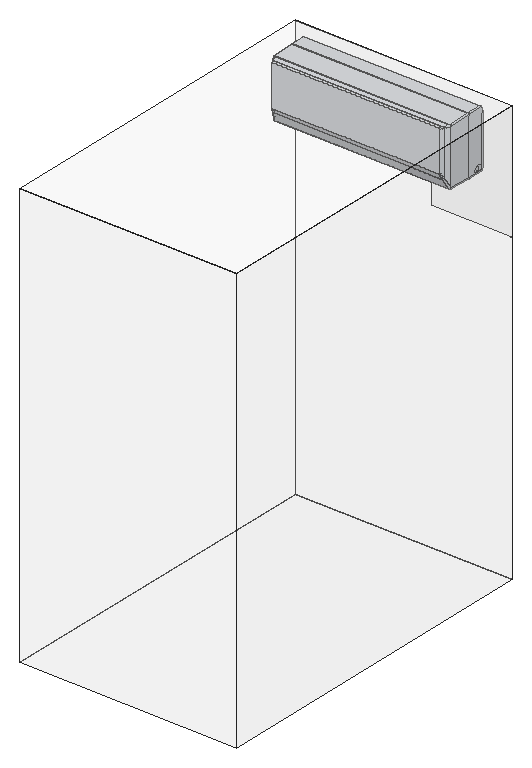
Revit family "pk-rp28la5_112ka21_60hz", category 機械設備, Revit 2019
Family settings
  丸型コネクタ寸法 = 直径を使用
  パーツ タイプ = 標準
  OmniClass 番号 = 23.75.10.24.21.27.27
  OmniClass タイトル = Split System Air Conditioning Units
  作業面ベース = いいえ
  常に垂直 = はい
  ロード時にボイドで切り取り = いいえ
  共有 = いいえ
  部屋計算ポイント = はい
Parameters (values of type "壁掛_PK-RP28LA5")
  風量_静 (m3/min) = 6.3
  風量_強 (m3/min) = 8.7
  風量_弱 (m3/min) = 7.3
  風量_中 (m3/min) = 8
  風量 = MAX風量  # 522.0 m³/h
  音響パワーレベル_静 (dB) = 45
  音響パワーレベル_弱 (dB) = 48
  音響パワーレベル_中 (dB) = 50
  音響パワーレベル_強 (dB) = 52
  音響パワーレベル(dB) = [音響パワーレベル_強 (dB)]  # 52
  電源種別 = ""
  電源_H = 0 mm
  電圧 = 0 V
  電動機出力_送風機 = 0.03 kW
  運転質量 = 0.00 kg
  連動 = ""
  質量 = if(製品質量 > 運転質量, 製品質量, 運転質量) * 1.2  # 15.00 kg
  負荷分類 = 3_ファン類
  構成品番 = "PK-RP28LA5"
  壁掛_PK-RP_LA3 = no
  壁掛_PK-RP_LA2 = no
  壁掛_PK-RP_LA1 = yes
  冷媒液管位置-Z = 280 mm
  冷媒液管位置-Y = 23 mm
  冷媒液管位置-X = 711 mm
  冷媒ガス管位置-Z = 268 mm
  冷媒ガス管位置-Y = 23 mm
  冷媒ガス管位置-X = 642 mm
  ドレン管径 (外径) = 22 mm
  ドレン位置-Z = 274 mm
  ドレン位置-Y = 37 mm
  ドレン位置-X = 660 mm
  サービススペース_PK-RP_LA2 = no
  サービススペース_PK-RP_LA1,3 = yes
  【値が 0 の項目は組合せ形名にてご確認ください】 = ""
  URL = "https://www.mitsubishielectric.co.jp/ldg/wink/ssl/top.do"
  Space Top = 50 mm
  Space Right_1 = 260 mm
  Space Right = 150 mm
  Space Left = 50 mm
  Space Bot_2 = 250 mm
  Space Bot_1 = 7 mm
  MIN２風量 = [風量_静 (m3/min)] * 60.0 m³/h  # 378.0 m³/h
  MIN風量 = [風量_弱 (m3/min)] * 60.0 m³/h  # 438.0 m³/h
  MID風量 = [風量_中 (m3/min)] * 60.0 m³/h  # 480.0 m³/h
  MAX風量 = [風量_強 (m3/min)] * 60.0 m³/h  # 522.0 m³/h
  説明 = "店舗・事務所用パッケージエアコン(Mr.SLIM) 壁掛形<ワイヤード>"
  設計暖房能力 = 0.00 kW
  設計冷房能力_顕熱 = 0 kW
  設計冷房能力 = 0 kW
  設置方法 = "壁掛形"
  記号 = ""
  製造元 = "三菱電機株式会社"
  製品質量 = 12.50 kg
  製品出荷対象 = "国内"
  製品リリース年月 = ""
  製品グループ = ""
  系統 = ""
  符号 = "PAC_WR"
  積算_科目 = "1 空気調和設備"
  積算_拾い区分 [instance] = ""
  相 = 1
  盤記号 = ""
  発停方法 = "付属スイッチ"
  特殊仕様 = ""
  火災停止 = ""
  消費電力_暖房 = 0.02 kW
  消費電力_冷房 = 0.03 kW
  消費電力 = if(消費電力_冷房 > 消費電力_暖房, 消費電力_冷房, 消費電力_暖房)  # 0.03 kW
  法定耐用年数 = "6"
  極数 = 1
  材質 = ""
  本体マテリアル = none
  有効加湿量 = 0
  暖房能力 = 2.80 kW
  推奨ブレーカー容量 = 0 A
  形式_加湿器 = ""
  形式 = "壁掛（露出）形"
  幹線記号 = ""
  始動方式 = "直入"
  呼称 = "室内機_壁掛（露出）形"
  周波数 = 60 Hz
  吊り位置Y = 0 mm
  吊り位置X = 0 mm
  吊りボルト_H = 0 mm
  台数_手元リモコン = ""
  台数_冷媒分岐ユニット = ""
  参照している仕様書等のバージョン = "公共建築工事標準仕様書（機械設備工事編）平成31年度版"
  加湿給水管径 = 0.00 mm
  分類コード = "5.0053E+13"
  分類グループ = ""
  冷房能力 = 2.5 kW
  冷媒高低圧ガス管径 = 0.00 mm
  冷媒管径符号 = "Ac"
  冷媒管径 = 100.00 mm
  冷媒液管径 = 6.35 mm
  冷媒ガス管径 = 12.70 mm
  企業コード = "108420"
  付属品_フィルター = ""
  付属品 = ""
  仕様書バージョン = "Version1.0"
  Model = ""
  パネルマテリアル = none
  ドレン管径 = 16.00 mm
  サービススペース = yes
  コメント [instance] = ""
  ケーブル種類 = ""
  ケーブルサイズ = 0 mm
  Width = 898 mm
  Uniclass2015Version = "Systems v1.9"
  Uniclass2015Title = "Split coil remote air cooled condensing units"
  Uniclass2015Code = "Pr_70_65_03_84"
  SpecificationReference = ""
  SpecificationDescription = ""
  S_H = 356 mm
  Revision = ""
  ProductInformation = ""
  OmniClassCode = "23-33 17 13 11"
  IfcTypeProduct = ""
  IfcProduct = ""
  IfcExportType = "AIRCONDITIONINGUNIT"
  IfcExportAs = "IfcUnitaryEquipmentType"
  Height = 299 mm
  Depth = 237 mm
  価格 = 0
  Clearance Top = 50 mm
  Clearance Right = 150 mm
  Clearance Left = 50 mm
  Clearance Front = 1500 mm
  Clearance Bottom = 1800 mm
  Clearance Back = 0 mm
  Author = "三菱電機株式会社"
Reference planes
  plane 1 "中心(正面/背面)": y = 0
  plane 2: z = 11
  plane 3 "中心(左/右)": x = 0
  plane 4: x = -449
  plane 5: x = 449
  plane 6: z = -288
  plane 7: y = -242
  plane 8: y = -5
  plane 9: x = -211
  plane 10: x = -193
  plane 11: x = -262
  plane 12: y = -28
  plane 13: y = -28
  plane 14: y = -42
  plane 15: z = -269
  plane 16: z = -257
  plane 17: z = -263
  plane 18: z = 61
  plane 19: x = -499
  plane 20: x = 599
  plane 21: z = -295
  plane 22: z = -538
  plane 23: x = 189
  plane 24: y = -1742
  plane 25: z = -2088
  plane 26: x = -499
  plane 27: x = 599
  plane 28: y = -28
Forms (mm)
  Extrusion 1, solid, detail levels fine
    sketch origin (-88.875, 0, -1713) x (-1, 0, 0) y (0, 0, 1)
      loop
        line (-487.875, 1574) -> (-487.875, 1549) -> (-462.875, 1549) -> (-462.875, 1574) -> (-487.875, 1574)
    from -1 to 0
  Extrusion 2, solid, detail levels fine
    sketch origin (0, 0, 0) x (0, 1, 0) y (0, 0, 1)
      loop
        circle (-42, -263) r 11
    from 444 to 449
  Extrusion 3, solid, detail levels fine
    sketch origin (0, 0, 0) x (0, 1, 0) y (0, 0, 1)
      loop
        circle (-28, -263) r 15
    from 444 to 449
Dimensions and locks
  equal spacing: plane 5, plane 3 "中心(左/右)", plane 4
  "Width": plane 5 to plane 4
  "Height": level to plane 6
  locked: plane 8 to plane 1 "中心(正面/背面)" at 5
  "Depth": plane 7 to plane 8
  "ドレン位置-X": plane 5 to plane 9
  "冷媒ガス管位置-X": plane 5 to plane 10
  "冷媒液管位置-X": plane 5 to plane 11
  "ドレン位置-Y": plane 14 to plane 8
  "冷媒ガス管位置-Y": plane 13 to plane 8
  "冷媒液管位置-Y": plane 12 to plane 8
  "ドレン位置-Z": level to plane 17
  "冷媒ガス管位置-Z": level to plane 16
  "冷媒液管位置-Z": level to plane 15
  "Space Top": plane 18 to level
  "Space Left": plane 4 to plane 19
  "Space Right": plane 20 to plane 5
  "Space Bot_1": plane 6 to plane 21
  "Space Bot_2": plane 6 to plane 22
  "Space Right_1": plane 5 to plane 23
  equal spacing: plane 16, Extrusion 3 sketch curve, plane 15
  equal spacing: plane 12, Extrusion 3 sketch curve, plane 13
  locked: plane 5 to Extrusion 3 at 5
  "Clearance Front": plane 24 to plane 7
  "Clearance Bottom": plane 6 to plane 25
  "Clearance Left": plane 4 to plane 26
  "Clearance Right": plane 27 to plane 5
  plane 5 to Extrusion 1 sketch curve = 50 mm
  nested 3 to Extrusion 1 sketch curve = 150 mm
  "Clearance Top": nested 4 to plane 2
  "ドレン管径 (外径)": diameter of Extrusion 2 sketch curve
  aligned and locked: level to plane 2
  aligned and locked: plane 1 "中心(正面/背面)" to nested 1
  aligned and locked: plane 1 "中心(正面/背面)" to nested 2
  aligned and locked: plane 1 "中心(正面/背面)" to nested 3
  aligned and locked: level to nested 1
  aligned and locked: level to nested 3
  aligned and locked: plane 3 "中心(左/右)" to nested 2
  aligned and locked: plane 3 "中心(左/右)" to nested 1
  aligned and locked: plane 3 "中心(左/右)" to nested 3
  aligned and locked: plane 14 to Extrusion 2 sketch curve
  aligned and locked: plane 17 to Extrusion 2 sketch curve
  aligned and locked: plane 5 to Extrusion 3
  aligned and locked: plane 5 to Extrusion 2
  aligned and locked: Extrusion 3 to Extrusion 2
  aligned and locked: plane 1 "中心(正面/背面)" to nested 4
  aligned and locked: plane 24 to nested 4
  aligned and locked: plane 25 to nested 4
  aligned and locked: plane 26 to nested 4
  aligned and locked: plane 27 to nested 4
  aligned and locked: plane 18 to nested 4
  aligned and locked: plane 1 "中心(正面/背面)" to nested 5
  aligned and locked: plane 3 "中心(左/右)" to nested 5
  aligned and locked: plane 2 to nested 3
Automatic sketch dimensions
  Extrusion 1 sketch curve to plane 5 = 75 mm
  Extrusion 1 sketch curve to Extrusion 1 sketch curve = 25 mm
  radius of Extrusion 3 sketch curve = 15 mm
Nested families
  nested 1: "pk-rp_la1" at (0, 0, 10), type "壁掛_PK-RP_LA1", detail levels fine
  nested 2: "pk-rp_la2" at (0, 0, 11), type "壁掛_PK-RP_LA2"
    with 壁掛_PK-RP56-71KA17 no
  nested 3: "pk-rp_la3" at (0, 0, 11), type "壁掛_PK-RP_LA3"
    with 壁掛_PK-RP80_112KA17 no, 冷媒液管径 6.35 mm, 冷媒ガス管径 12.70 mm
  nested 4: "サービススペース" at (50, -871, -1013.5), visible <- "サービススペース", type "サービススペース", detail levels fine
    with Width 1098 mm, Height 2149 mm, Depth 1742 mm
  nested 5: "Space View" at (0, 0, 11), Bot_1 <- "Space Bot_1", Bot_2 <- "Space Bot_2", Hight <- "Height", Left <- "Space Left", Right <- "Space Right", Right_1 <- "Space Right_1", Top <- "Space Top", Width <- "Width", Space View <- "サービススペース_PK-RP_LA1,3", type "Space View"
    with Width 898 mm, Top 50 mm, Space View yes, Right_1 260 mm, Right 150 mm, Left 50 mm, Hight 299 mm, Bot_2 250 mm, Bot_1 7 mm
Connectors
  piping at (449, -42, -263), diameter 22, driven by "ドレン管径 (外径)"
    settings: on Extrusion 2, index 1, connector inside diameter 609.60 mm, connector length 0 mm, flow factor 0, pipe flow 0.0 L/s, pressure drop 0.0 Pa, fitting loss kfactor 0, connector angle 0.00°, fixture units 0, engagement length 0 mm, angle of deflection 0.00°, flow configuration 1, flow direction 2, fitting loss method 4, system type 16, joint type 0, gender type 0, connector reference index -1, connector utility 0, adjustable connector no, is connector primary yes, connector description ""
  piping at (449, -28, -263), diameter 100, driven by "冷媒管径", driven by "冷媒管径符号"
    settings: on Extrusion 3, index 2, connector inside diameter 609.60 mm, connector length 0 mm, flow factor 0, pipe flow 0.0 L/s, pressure drop 0.0 Pa, fitting loss kfactor 0, connector angle 0.00°, fixture units 0, engagement length 0 mm, angle of deflection 0.00°, flow configuration 1, flow direction 1, fitting loss method 4, system type 7, joint type 0, gender type 0, connector reference index -1, connector utility 0, adjustable connector no, is connector primary no, connector description "Ac"
  electrical at (386.5, 0, -151.5), driven by "極数", driven by "負荷分類", driven by "電圧", driven by "消費電力"
    settings: on Extrusion 1, index 3, voltage 0 V, apparent load 30 VA, apparent load phase1 0 VA, apparent load phase2 0 VA, apparent load phase3 0 VA, power factor 1, load classification "3_ファン類", number of poles 1, system type 30, power factor state 1, is connector primary yes, connector utility no, sub classification motor no, connector description ""
Definition of nested family "pk-rp_la1"
  Parameters (values of type "壁掛_PK-RP40_50LA")
    壁掛_PK-RP40_50LA = yes
    冷媒液管位置-Y = 37 mm
    冷媒液管位置-X = 711 mm
    冷媒ガス管位置-Y = 23 mm
    冷媒ガス管位置-X = 642 mm
    ドレン管径 (外径) = 22 mm
    ドレン位置-Y = 23 mm
    ドレン位置-X = 660 mm
    URL = ""
    Description = ""
    Manufacturer = ""
    冷媒管径符号 = "Ac"
    冷媒管径 = 100.00 mm
    冷媒液管位置-Z = 280 mm
    冷媒液管径 = 6.35 mm
    冷媒ガス管位置-Z = 268 mm
    冷媒ガス管径 = 12.70 mm
    Model = ""
    ドレン位置-Z = 274 mm
    ドレン管径 = 16.00 mm
    Width = 898 mm
    S_H = 356 mm
    Height = 299 mm
    Depth = 237 mm
    Cost = 0
  Reference planes
    plane 1 "中心(正面/背面)": y = 0
    plane 2: z = 1
    plane 3 "中心(左/右)": x = 0
    plane 4 "UNDER": z = -298
    plane 5 "Left": x = -449
    plane 6: x = 449
    plane 7 "Fkidasi_L": x = -400
    plane 8 "Fkidasi_X": x = -262
    plane 9 "Fkidasi_Y": x = -193
    plane 10: y = -5
    plane 11: y = -42
    plane 12: y = -242
    plane 13: z = -279
    plane 14: z = -267
    plane 15: z = -273
    plane 16: y = -28
    plane 17: y = -28
    plane 18: x = -211
    plane 19: z = 1
    plane 20: x = 0
    plane 21: x = 0
  Forms (mm)
    Extrusion 1, void, detail levels fine
      sketch origin (0, 75, -2499) x (0, -1, 0) y (0, 0, 1)
        loop
          line (89, 2500) -> (80, 2500) -> (80, 2487) -> (89, 2500)
      from 449 to -449
    Extrusion 2, solid, visible <- "壁掛_PK-RP40_50LA", detail levels fine
      sketch origin (0, 0, -2509.072) x (-1, 0, 0) y (0, 0, 1)
        loop
          line (449, 2485.072) -> (-449, 2485.072) -> (-449, 2224.072) -> (449, 2224.072) -> (449, 2485.072)
      from 0 to -5
    Extrusion 3, solid, visible <- "壁掛_PK-RP40_50LA", detail levels fine
      sketch origin (0, -5, -2499) x (0, 0, -1) y (-1, 0, 0)
        loop
          line (-2500, 444) -> (-2500, -444)
          arc (-2500, -444) -> (-2498.536, -447.536) -> (-2495, -449) r 5
          line (-2495, -449) -> (-2206, -449)
          arc (-2206, -449) -> (-2202.464, -447.536) -> (-2201, -444) r 5
          line (-2201, -444) -> (-2201, 444)
          arc (-2201, 444) -> (-2202.464, 447.536) -> (-2206, 449) r 5
          line (-2206, 449) -> (-2495, 449)
          arc (-2495, 449) -> (-2498.536, 447.536) -> (-2500, 444) r 5
      from 0 to -83
    Blend 4, solid, visible <- "壁掛_PK-RP40_50LA"
      base sketch origin (0, -202, -1799) x (0, 0, 1) y (1, 0, 0)
        loop
          line (1796, -444) -> (1796, 444)
          arc (1796, 444) -> (1794.536, 447.536) -> (1791, 449) r 5
          line (1791, 449) -> (1515, 449)
          arc (1515, 449) -> (1508.636, 446.364) -> (1506, 440) r 9
          line (1506, 440) -> (1506, -440)
          arc (1506, -440) -> (1508.636, -446.364) -> (1515, -449) r 9
          line (1515, -449) -> (1791, -449)
          arc (1791, -449) -> (1794.536, -447.536) -> (1796, -444) r 5
      top sketch origin (0, -202, -1799) x (0, 0, 1) y (1, 0, 0)
        loop
          line (1793, -427) -> (1793, 427)
          arc (1793, 427) -> (1791.536, 430.536) -> (1788, 432) r 5
          line (1788, 432) -> (1559, 432)
          arc (1559, 432) -> (1555.464, 430.536) -> (1554, 427) r 5
          line (1554, 427) -> (1554, -427)
          arc (1554, -427) -> (1555.464, -430.536) -> (1559, -432) r 5
          line (1559, -432) -> (1788, -432)
          arc (1788, -432) -> (1791.536, -430.536) -> (1793, -427) r 5
      from 0 to -25
    Blend 5, solid, visible <- "壁掛_PK-RP40_50LA", detail levels fine
      base sketch origin (0, -227, -1799) x (0, 0, 1) y (1, 0, 0)
        loop
          arc (1793, 427) -> (1791.536, 430.536) -> (1788, 432) r 5
          line (1788, 432) -> (1559, 432)
          arc (1559, 432) -> (1555.464, 430.536) -> (1554, 427) r 5
          line (1554, 427) -> (1554, -427)
          arc (1554, -427) -> (1555.464, -430.536) -> (1559, -432) r 5
          line (1559, -432) -> (1788, -432)
          arc (1788, -432) -> (1791.536, -430.536) -> (1793, -427) r 5
          line (1793, -427) -> (1793, 427)
      top sketch origin (0, -227, -1799) x (0, 0, 1) y (1, 0, 0)
        loop
          line (1793, -419) -> (1793, 419)
          arc (1793, 419) -> (1791.536, 422.536) -> (1788, 424) r 5
          line (1788, 424) -> (1590, 424)
          arc (1590, 424) -> (1586.464, 422.536) -> (1585, 419) r 5
          line (1585, 419) -> (1585, -419)
          arc (1585, -419) -> (1586.464, -422.536) -> (1590, -424) r 5
          line (1590, -424) -> (1788, -424)
          arc (1788, -424) -> (1791.536, -422.536) -> (1793, -419) r 5
      from 0 to -15
    Blend 6, solid, visible <- "壁掛_PK-RP40_50LA", detail levels fine
      base sketch origin (62.5, -88, -1799) x (0, 0, 1) y (1, 0, 0)
        loop
          arc (1800, 381.5) -> (1798.536, 385.036) -> (1795, 386.5) r 5
          line (1795, 386.5) -> (1506, 386.5)
          arc (1506, 386.5) -> (1502.464, 385.036) -> (1501, 381.5) r 5
          line (1501, 381.5) -> (1501, -506.5)
          arc (1501, -506.5) -> (1502.464, -510.036) -> (1506, -511.5) r 5
          line (1506, -511.5) -> (1795, -511.5)
          arc (1795, -511.5) -> (1798.536, -510.036) -> (1800, -506.5) r 5
          line (1800, -506.5) -> (1800, 381.5)
      top sketch origin (62.5, -88, -1799) x (0, 0, 1) y (1, 0, 0)
        loop
          line (1796, -506.5) -> (1796, 381.5)
          arc (1796, 381.5) -> (1794.536, 385.036) -> (1791, 386.5) r 5
          line (1791, 386.5) -> (1511, 386.5)
          arc (1511, 386.5) -> (1507.464, 385.036) -> (1506, 381.5) r 5
          line (1506, 381.5) -> (1506, -502.5)
          arc (1506, -502.5) -> (1508.636, -508.864) -> (1515, -511.5) r 9
          line (1515, -511.5) -> (1791, -511.5)
          arc (1791, -511.5) -> (1794.536, -510.036) -> (1796, -506.5) r 5
      from 0 to -114
    Sweep 7, solid, visible <- "壁掛_PK-RP40_50LA", detail levels fine
      path origin (0, 75, -1799) x (-1, 0, 0) y (0, 0, 1)
        loop
          line (262, 1521) -> (-271, 1521)
      profile origin (4.5, 75, -278) x (0, 0, -1) y (0, 1, 0)
        loop
          circle (1, -103) r 3.175
    Sweep 8, solid, visible <- "壁掛_PK-RP40_50LA", detail levels fine
      path origin (0, 75, -1799) x (-1, 0, 0) y (0, 0, 1)
        loop
          line (-257, 1533) -> (193, 1533)
      profile origin (32, 75, -266) x (0, 0, 1) y (0, 1, 0)
        loop
          circle (-1, -103) r 6.35
    Sweep 9, solid, visible <- "壁掛_PK-RP40_50LA", detail levels fine
      path origin (0, 75, -1799) x (-1, 0, 0) y (0, 0, 1)
        loop
          line (211, 1527) -> (-289, 1527)
      profile origin (39, 75, -272) x (0, 0, -1) y (0, 1, 0)
        loop
          circle (1, -117) r 11
  Cuts and joins
    Extrusion 1 cuts Extrusion 3
  Lines and regions (mm)
    model lines, visible <- "壁掛_PK-RP40_50LA", detail levels fine
      curve 1: line (274, -5, -298) -> (274, -54, -298)
      curve 2: line (292, -72, -298) -> (331, -72, -298)
      curve 3: line (349, -54, -298) -> (349, -5, -298)
      curve 4: line (324, -54, -298) -> (324, -5, -298)
      curve 5: arc (292, -72, -298) -> (279.272, -66.728, -298) -> (274, -54, -298) r 18
      curve 6: arc (306, -72, -298) -> (318.728, -66.728, -298) -> (324, -54, -298) r 18
      curve 7: arc (331, -72, -298) -> (343.728, -66.728, -298) -> (349, -54, -298) r 18
      curve 8: line (-430, -5, -298) -> (-430, -54, -298)
      curve 9: line (-412, -72, -298) -> (-378, -72, -298)
      curve 10: line (-360, -54, -298) -> (-360, -5, -298)
      curve 11: line (-399.073, -53.123, -298) -> (-399.073, -5, -298)
      curve 12: arc (-412, -72, -298) -> (-424.728, -66.728, -298) -> (-430, -54, -298) r 18
      curve 13: arc (-399.073, -53.123, -298) -> (-394.55, -65.481, -298) -> (-383.118, -72, -298) r 19.145
      curve 14: arc (-360, -54, -298) -> (-365.272, -66.728, -298) -> (-378, -72, -298) r 18
      curve 15: line (366.5, -202, -293) -> (366.5, -208.929, -279.696)
      curve 16: line (366.5, -208.929, -279.696) -> (326.5, -208.929, -279.696)
      curve 17: line (326.5, -208.929, -279.696) -> (326.5, -202, -293)
      curve 18: line (326.5, -202, -293) -> (326.5, -188.513, -293.592)
      curve 19: line (326.5, -188.513, -293.592) -> (366.5, -188.513, -293.592)
      curve 20: line (366.5, -188.513, -293.592) -> (366.5, -202, -293)
      curve 21: line (449, -5, -229) -> (449, -52, -229)
      curve 22: line (449, -70, -247) -> (449, -70, -270)
      curve 23: line (449, -52, -288) -> (449, -5, -288)
      curve 24: line (449, -49.143, -241) -> (449, -5, -241)
      curve 25: arc (449, -52, -288) -> (449, -64.728, -282.728) -> (449, -70, -270) r 18
      curve 26: arc (449, -52, -229) -> (449, -64.728, -234.272) -> (449, -70, -247) r 18
      curve 27: arc (449, -70, -261.857) -> (449, -63.891, -247.109) -> (449, -49.143, -241) r 20.857
      curve 28: line (-449, -5, -288) -> (-449, -52, -288)
      curve 29: line (-449, -70, -270) -> (-449, -70, -236)
      curve 30: line (-449, -52, -218) -> (-449, -5, -218)
      curve 31: line (-449, -5, -238) -> (-449, -52, -238)
      curve 32: arc (-449, -52, -288) -> (-449, -64.728, -282.728) -> (-449, -70, -270) r 18
      curve 33: arc (-449, -70, -236) -> (-449, -64.728, -223.272) -> (-449, -52, -218) r 18
      curve 34: arc (-449, -70, -256) -> (-449, -64.728, -243.272) -> (-449, -52, -238) r 18
      curve 35: line (-400, -227, -245) -> (-400, -202, -293)
      curve 36: line (250, -227, -245) -> (250, -202, -293)
      curve 37: line (250, -202, -293) -> (250, -88, -298)
      curve 38: line (-400, -200.122, -293.082) -> (-400, -88, -298)
  Dimensions and locks
    "Width": plane 5 "Left" to plane 6
    plane 5 "Left" to plane 3 "中心(左/右)" to plane 6 = 449 mm, 449 mm
    equal spacing: plane 5 "Left", plane 3 "中心(左/右)", plane 6
    "Depth": plane 10 to plane 12
    "ドレン位置-Z": level to plane 15
    "冷媒ガス管位置-Z": level to plane 14
    "冷媒液管位置-Z": level to plane 13
    "Height": level to plane 4 "UNDER"
    "ドレン位置-Y": plane 10 to plane 17
    "冷媒ガス管位置-Y": plane 10 to plane 16
    "冷媒液管位置-Y": plane 10 to plane 11
    "冷媒液管位置-X": plane 6 to plane 8 "Fkidasi_X"
    "冷媒ガス管位置-X": plane 6 to plane 9 "Fkidasi_Y"
    "ドレン位置-X": plane 6 to plane 18
    locked: plane 10 to plane 1 "中心(正面/背面)" at 5
    "冷媒液管径": diameter of Sweep 7 sketch curve
    "冷媒ガス管径": diameter of Sweep 8 sketch curve
    "ドレン管径 (外径)": diameter of Sweep 9 sketch curve
    aligned and locked: level to plane 2
    aligned and locked: Sweep 8 to plane 9 "Fkidasi_Y"  (x2)
    aligned and locked: Sweep 7 to plane 8 "Fkidasi_X"
    aligned and locked: plane 12 to Blend 5
    aligned and locked: plane 15 to Sweep 9 sketch curve
    aligned and locked: plane 14 to Sweep 8 sketch curve
    aligned and locked: plane 13 to Sweep 7 sketch curve
    aligned and locked: plane 17 to Sweep 7 sketch curve
    aligned and locked: plane 16 to Sweep 8 sketch curve
    aligned and locked: plane 11 to Sweep 9 sketch curve
    aligned and locked: plane 20 to plane 3 "中心(左/右)"
    aligned and locked: plane 21 to plane 20
  Automatic sketch dimensions
    Extrusion 1 sketch curve to plane 10 = 0 mm
    Extrusion 1 sketch curve to plane 10 = 9 mm
    Extrusion 2 sketch curve to plane 6 = 0 mm
    plane 5 "Left" to Extrusion 2 sketch curve = 0 mm
    Extrusion 2 sketch curve to level = 286 mm
    Extrusion 3 sketch curve to plane 6 = 0 mm
    plane 5 "Left" to Extrusion 3 sketch curve = 0 mm
    Extrusion 3 sketch curve to level = 299 mm
    Extrusion 3 sketch curve to level = 294 mm  (x2)
    plane 5 "Left" to Blend 4 sketch curve = 0 mm
    Blend 4 sketch curve to plane 6 = 0 mm
    Blend 4 sketch curve to level = 294 mm
    Blend 4 sketch curve to Blend 4 sketch curve = 9 mm  (x2)
    Blend 4 sketch curve to plane 6 = 5 mm
    Blend 4 sketch curve to plane 6 = 22 mm
    Blend 4 sketch curve to level = 246 mm
    Blend 4 sketch curve to Blend 4 sketch curve = 5 mm  (x4)
    Blend 4 sketch curve to plane 5 "Left" = 22 mm
    Blend 5 sketch curve to level = 246 mm
    Blend 5 sketch curve to Blend 5 sketch curve = 5 mm  (x7)
    Blend 5 sketch curve to plane 5 "Left" = 17 mm
    Blend 5 sketch curve to plane 6 = 22 mm
    Blend 5 sketch curve to plane 7 "Fkidasi_L" = 19 mm
    Blend 5 sketch curve to level = 215 mm
    Blend 5 sketch curve to plane 6 = 30 mm
    Blend 6 sketch curve to level = 299 mm
    Blend 6 sketch curve to plane 6 = 0 mm  (x2)
    plane 5 "Left" to Blend 6 sketch curve = 0 mm  (x2)
    Blend 6 sketch curve to level = 294 mm  (x3)
    Blend 6 sketch curve to plane 6 = 5 mm  (x2)
    Blend 6 sketch curve to Blend 6 sketch curve = 9 mm
    curve 11 to Extrusion 3 = 0 mm
    curve 1 to Extrusion 3 = 0 mm
    curve 8 to Extrusion 3 = 0 mm
    curve 4 to Extrusion 3 = 0 mm
    curve 3 to Extrusion 3 = 0 mm
    curve 10 to Extrusion 3 = 0 mm
    curve 13 to Extrusion 3 = 34.877 mm
    curve 12 to curve 13 = 0.877 mm
    curve 10 to curve 13 = 0.877 mm
    curve 3 to Extrusion 3 = 34 mm
    curve 4 to curve 7 = 0 mm
    curve 9 to Extrusion 3 = 16 mm
    curve 2 to Extrusion 3 = 16 mm
    Extrusion 3 to curve 3 = 95 mm
    curve 7 to curve 4 = 7 mm
    curve 6 to curve 2 = 14 mm
    Extrusion 3 to curve 10 = 84 mm
    curve 14 to curve 13 = 1.927 mm
    curve 13 to curve 11 = 19.145 mm
    curve 13 to curve 12 = 12.927 mm
    curve 35 to Blend 4 = 0 mm
    Blend 4 to curve 35 = 0 mm
    Blend 4 to curve 36 = 0 mm
    curve 36 to Blend 4 = 0 mm
    curve 17 to Blend 4 = 0 mm
    curve 15 to Blend 4 = 0 mm
    Blend 4 to curve 17 = 15 mm
    curve 17 to Blend 4 = 106.857 mm
    curve 16 to curve 15 = 40 mm
    curve 36 to curve 17 = 76.5 mm
    curve 35 to curve 36 = 650 mm
    curve 38 to Blend 6 = 0 mm
    curve 37 to Blend 6 = 0 mm
    Blend 6 to curve 37 = 0 mm
    Blend 6 to curve 18 = 0 mm
    Blend 6 to curve 20 = 0 mm
    Blend 6 to curve 19 = 13.5 mm
    curve 19 to Blend 6 = 117.5 mm
    curve 18 to curve 19 = 40 mm
    curve 37 to curve 18 = 76.5 mm
    curve 38 to curve 37 = 650 mm
    Blend 6 to curve 38 = 1.879 mm
    curve 21 to Extrusion 3 = 0 mm
    curve 24 to Extrusion 3 = 0 mm
    curve 23 to Extrusion 3 = 0 mm
    curve 21 to curve 24 = 12 mm
    Extrusion 3 to curve 22 = 18 mm
    curve 24 to curve 22 = 6 mm
    curve 26 to curve 27 = 14.857 mm
    curve 27 to curve 25 = 8.143 mm
    curve 23 to Extrusion 3 = 5 mm
    curve 28 to Extrusion 3 = 0 mm
    curve 31 to Extrusion 3 = 0 mm
    curve 30 to Extrusion 3 = 0 mm
    curve 28 to Extrusion 3 = 5 mm
    curve 29 to Extrusion 3 = 23 mm
    curve 32 to curve 34 = 14 mm
    curve 34 to curve 31 = 18 mm
    curve 34 to curve 33 = 2 mm
    curve 33 to curve 30 = 18 mm
    Extrusion 3 to curve 32 = 36 mm
    Sweep 7 sketch curve to plane 8 "Fkidasi_X" = 0 mm
    Sweep 8 sketch curve to plane 9 "Fkidasi_Y" = 0 mm
    Sweep 9 sketch curve to plane 9 "Fkidasi_Y" = 18 mm
    Extrusion 1 sketch curve to level = 13 mm
    Extrusion 1 sketch curve to level = 0 mm
    Extrusion 2 sketch curve to level = 25 mm
    Extrusion 3 sketch curve to level = 5 mm  (x2)
    Extrusion 3 sketch curve to level = 0 mm
    Blend 4 sketch curve to level = 9 mm  (x2)
    Blend 4 sketch curve to level = 12 mm
    Blend 5 sketch curve to level = 12 mm  (x3)
    Blend 6 sketch curve to level = 5 mm  (x2)
    Blend 6 sketch curve to level = 0 mm
    Blend 6 sketch curve to level = 9 mm  (x2)
    plane 13 to Sweep 7 sketch curve = 1 mm
    plane 14 to Sweep 8 sketch curve = 1 mm
    plane 15 to Sweep 9 sketch curve = 1 mm
    curve 5 to curve 6 = 0 mm
    Sweep 7 sketch curve to plane 6 = 178 mm
    Sweep 8 sketch curve to plane 6 = 192 mm
    Sweep 9 sketch curve to plane 6 = 160 mm
    curve 22 to Extrusion 3 = 23 mm
Definition of nested family "サービススペース"
  Parameters (values of type "サービススペース")
    Width [instance] = 500 mm
    Height [instance] = 500 mm
    Depth [instance] = 500 mm
  Reference planes
    plane 1 "中心(正面/背面)": y = 0
    plane 2: z = 0
    plane 3 "中心(左/右)": x = 0
    plane 4: y = -250
    plane 5: x = 250
    plane 6: y = 250
    plane 7: x = -250
    plane 8: z = 250
    plane 9: z = -250
  Forms (mm)
    Extrusion 1, solid
      sketch origin (-638.939, 0, 72.39) x (1, 0, 0) y (0, 1, 0)
        loop
          line (388.939, 250) -> (388.939, -250) -> (888.939, -250) -> (888.939, 250) -> (388.939, 250)
      from -322.39 to 177.61
  Lines and regions (mm)
    symbolic lines
      curve 1: line (-250, 0, 250) -> (250, 0, 250)
      curve 2: line (-250, 0, -250) -> (-250, 0, 250)
      curve 3: line (250, 0, -250) -> (-250, 0, -250)
      curve 4: line (250, 0, 250) -> (250, 0, -250)
      curve 5: line (0, -250, 250) -> (0, 250, 250)
      curve 6: line (0, -250, -250) -> (0, -250, 250)
      curve 7: line (0, 250, -250) -> (0, -250, -250)
      curve 8: line (0, 250, 250) -> (0, 250, -250)
      curve 9: line (-250, 250, 0) -> (250, 250, 0)
      curve 10: line (-250, -250, 0) -> (-250, 250, 0)
      curve 11: line (250, -250, 0) -> (-250, -250, 0)
      curve 12: line (250, 250, 0) -> (250, -250, 0)
  Dimensions and locks
    equal spacing: plane 7, plane 3 "中心(左/右)", plane 5
    equal spacing: plane 4, plane 1 "中心(正面/背面)", plane 6
    "Depth": plane 4 to plane 6
    "Width": plane 7 to plane 5
    equal spacing: plane 8, plane 2, plane 9
    "Height": plane 8 to plane 9
    aligned and locked: plane 9 to curve 3
    aligned and locked: plane 7 to curve 2
    aligned and locked: curve 4 to plane 5
    aligned and locked: plane 5 to Extrusion 1
    aligned and locked: Extrusion 1 to plane 7
    aligned and locked: Extrusion 1 to plane 9
    aligned and locked: plane 8 to Extrusion 1
    aligned and locked: plane 9 to curve 7
  Automatic sketch dimensions
    plane 4 to Extrusion 1 sketch curve = 0 mm
    Extrusion 1 sketch curve to plane 7 = 0 mm
    Extrusion 1 sketch curve to plane 5 = 0 mm
    plane 6 to Extrusion 1 sketch curve = 0 mm
    curve 2 to plane 8 = 0 mm
    plane 4 to curve 11 = 0 mm
    curve 11 to plane 7 = 0 mm
    curve 11 to plane 5 = 0 mm
    plane 6 to curve 10 = 0 mm
    curve 7 to plane 4 = 0 mm
    curve 7 to plane 6 = 0 mm
    curve 6 to plane 8 = 0 mm
Definition of nested family "Space View"
  Parameters (values of type "Space View")
    Width [instance] = 898 mm
    Top [instance] = 50 mm
    Space View [instance] = yes
    Right_1 [instance] = 260 mm
    Right [instance] = 150 mm
    Left [instance] = 50 mm
    Hight [instance] = 299 mm
    Bot_2 [instance] = 250 mm
    Bot_1 [instance] = 7 mm
  Reference planes
    plane 1 "Center (Front/Back)": y = 0
    plane 2: z = 0
    plane 3 "Center (Left/Right)": x = 0
    plane 4: x = -499
    plane 5: z = 50
    plane 6: x = 599
    plane 7: z = -306
    plane 8: z = -549
    plane 9: x = -449
    plane 10: x = 449
    plane 11: z = -299
    plane 12: x = 189
  Forms (mm)
    Extrusion 1, solid, visible <- "Space View"
      sketch origin (0, 0, -1800) x (-1, 0, 0) y (0, 0, 1)
        loop
          line (499, 1850) -> (-599, 1850) -> (-599, 1251) -> (-189, 1251) -> (-189, 1494) -> (499, 1494) -> (499, 1850)
      from 0 to -1
  Dimensions and locks
    equal spacing: plane 10, plane 3 "Center (Left/Right)", plane 9
    "Width": plane 10 to plane 9
    "Right": plane 10 to plane 6
    "Left": plane 9 to plane 4
    "Hight": level to plane 11
    "Bot_1": plane 11 to plane 7
    "Bot_2": plane 11 to plane 8
    "Top": plane 5 to level
    "Right_1": plane 12 to plane 10
    aligned and locked: level to plane 2
    aligned and locked: Extrusion 1 to plane 4
    aligned and locked: plane 5 to Extrusion 1
    aligned and locked: plane 6 to Extrusion 1
    aligned and locked: plane 7 to Extrusion 1
    aligned and locked: plane 8 to Extrusion 1
    aligned and locked: plane 5 to Extrusion 1 sketch curve
    aligned and locked: Extrusion 1 sketch curve to plane 4
    aligned and locked: Extrusion 1 sketch curve to plane 7
    aligned and locked: Extrusion 1 sketch curve to plane 8
    aligned and locked: Extrusion 1 sketch curve to plane 6
    aligned and locked: plane 12 to Extrusion 1
  Automatic sketch dimensions
    plane 10 to Extrusion 1 sketch curve = 260 mm
Definition of nested family "pk-rp_la2"
  Parameters (values of type "壁掛_PK-RP56_71KA17")
    壁掛_PK-RP56-71KA17 = yes
    冷媒液管位置-Z = 250 mm
    冷媒液管位置-Y = 25 mm
    冷媒液管位置-X = 673 mm
    冷媒ガス管位置-Z = 270 mm
    冷媒ガス管位置-Y = 25 mm
    冷媒ガス管位置-X = 603 mm
    ドレン管径 (外径) = 22 mm
    ドレン位置-Z = 300 mm
    ドレン位置-Y = 25 mm
    ドレン位置-X = 733 mm
    URL = ""
    Description = ""
    Manufacturer = ""
    冷媒管径符号 = "Ac"
    冷媒管径 = 100.00 mm
    冷媒液管径 = 6.35 mm
    冷媒ガス管径 = 12.70 mm
    Model = ""
    ドレン管径 = 16.00 mm
    Width = 1100 mm
    S_H = 404 mm
    Height = 325 mm
    Depth = 258 mm
    Cost = 0
  Reference planes
    plane 1 "中心(正面/背面)": y = 0
    plane 2: z = 0
    plane 3 "中心(左/右)": x = 0
    plane 4 "TOP": z = 0
    plane 5 "UNDER": z = -325
    plane 6 "Left": x = -550
    plane 7: x = 550
    plane 8 "Fkidasi_V": z = -332
    plane 9 "Fkidasi_Z": z = -300
    plane 10 "Fkidasi_AA": z = -270
    plane 11 "Fkidasi_BB": z = -250
    plane 12: x = 377
    plane 13 "Fkidasi_CC": x = -183
    plane 14 "Fkidasi_DD": x = -123
    plane 15 "Fkidasi_EE": x = -53
    plane 16: y = -5
    plane 17: y = -263
    plane 18: y = -30
    plane 19: y = -30
    plane 20: y = -30
    plane 21: z = 0
    plane 22: x = 0
  Forms (mm)
    Sweep 1, solid, visible <- "壁掛_PK-RP56-71KA17", detail levels fine
      path origin (0, 85, -1776) x (-1, 0, 0) y (0, 0, 1)
        loop
          line (-377, 1506) -> (53, 1506)
      profile origin (162, 85, -270) x (0, 0, 1) y (0, 1, 0)
        loop
          circle (0, -115) r 6.35
    Sweep 2, solid, visible <- "壁掛_PK-RP56-71KA17", detail levels fine
      path origin (0, 85, -1744) x (-1, 0, 0) y (0, 0, 1)
        loop
          line (123, 1494) -> (-377, 1494)
      profile origin (127, 85, -250) x (0, 0, -1) y (0, 1, 0)
        loop
          circle (0, -115) r 3.175
    Sweep 3, solid, visible <- "壁掛_PK-RP56-71KA17", detail levels fine
      path origin (0, 75, -1850) x (-1, 0, 0) y (0, -1, 0)
        loop
          line (183, 105) -> (-377, 105)
      profile origin (97, -30, -1850) x (0, 1, 0) y (0, 0, 1)
        loop
          circle (0, 1550) r 11
    Extrusion 4, solid, visible <- "壁掛_PK-RP56-71KA17"
      sketch origin (-572, -4.93, 72) x (0, 0, -1) y (0, -1, 0)
        loop
          arc (72, 6.933) -> (72.338, 5.549) -> (73.277, 4.477) r 3
          line (73.277, 4.477) -> (78.269, 0.976)
          arc (78.269, 0.976) -> (79.634, 0.302) -> (81.14, 0.07) r 5
          line (81.14, 0.07) -> (93.863, 0.07) -> (93.863, -3.73)
          arc (93.863, -3.73) -> (94.214, -4.579) -> (95.063, -4.93) r 1.2
          line (95.063, -4.93) -> (382.983, -4.93)
          arc (382.983, -4.93) -> (383.752, -4.777) -> (384.402, -4.34) r 2
          line (384.402, -4.34) -> (391.687, 2.995) -> (393.576, 2.486) -> (396.064, 2.486) -> (396.064, 74.487) -> (397, 74.487) -> (396.249, 96.275)
          arc (396.249, 96.275) -> (386.433, 144.686) -> (361.405, 187.272) r 149.804
          arc (361.405, 187.272) -> (360.715, 187.808) -> (359.863, 187.999) r 2
          line (359.863, 187.999) -> (351.218, 187.999) -> (351.218, 189.494) -> (358.547, 189.494)
          arc (358.547, 189.494) -> (359.077, 189.813) -> (359.045, 190.43) r 0.6
          arc (359.045, 190.43) -> (356.535, 194.254) -> (354.116, 198.136) r 193.914
          arc (354.116, 198.136) -> (346.059, 210.496) -> (337.22, 222.309) r 228.274
          line (337.22, 222.309) -> (330.325, 231.46)
          arc (330.325, 231.46) -> (329.848, 231.872) -> (329.245, 232.052) r 1.5
          arc (329.245, 232.052) -> (268.628, 247.266) -> (206.817, 256.492) r 639.712
          arc (206.817, 256.492) -> (187.622, 257.823) -> (168.382, 258) r 320.323
          arc (168.382, 258) -> (152.854, 257.385) -> (137.36, 256.189) r 414.965
          arc (137.36, 256.189) -> (135.749, 255.382) -> (135.1, 253.701) r 2.5
          line (135.1, 253.701) -> (135.1, 238.591) -> (133.187, 234.008)
          arc (133.187, 234.008) -> (111.703, 220.588) -> (95.132, 201.429) r 84.941
          arc (95.132, 201.429) -> (91.762, 195.916) -> (88.556, 190.306) r 219.053
          arc (88.556, 190.306) -> (88.564, 189.763) -> (89.035, 189.494) r 0.547
          line (89.035, 189.494) -> (93.338, 189.494) -> (92.464, 187.999) -> (86.86, 187.999)
          arc (86.86, 187.999) -> (86.322, 187.842) -> (85.953, 187.421) r 1
          arc (85.953, 187.421) -> (81.274, 174.893) -> (78.608, 161.789) r 85.448
          arc (78.608, 161.789) -> (73.655, 125.49) -> (72, 88.891) r 405.418
          line (72, 88.891) -> (72, 6.933)
      from -1122 to -22
  Lines and regions (mm)
    model lines, visible <- "壁掛_PK-RP56-71KA17", detail levels fine
      curve 1: line (550, -79.418, -324.064) -> (550, -79.418, 0)
      curve 2: line (550, 0, -241.868) -> (550, -79.418, -241.868)
      curve 3: line (550, 0, -243.128) -> (550, -64.595, -243.128)
      curve 4: line (550, -72.595, -251.128) -> (550, -72.595, -311.603)
      curve 5: line (550, -64.595, -319.603) -> (550, -7.841, -319.603)
      curve 6: arc (550, -64.595, -243.128) -> (550, -70.251, -245.471) -> (550, -72.595, -251.128) r 8
      curve 7: arc (550, -72.595, -311.603) -> (550, -70.251, -317.26) -> (550, -64.595, -319.603) r 8
      curve 8: line (-550, -79.418, -324.064) -> (-550, -79.418, 0)
      curve 9: line (-550, 0, -241.868) -> (-550, -79.418, -241.868)
      curve 10: line (-550, 0, -243.128) -> (-550, -64.595, -243.128)
      curve 11: line (-550, -72.595, -251.128) -> (-550, -72.595, -311.603)
      curve 12: line (-550, -64.595, -319.603) -> (-550, -7.841, -319.603)
      curve 13: arc (-550, -64.595, -243.128) -> (-550, -70.251, -245.471) -> (-550, -72.595, -251.128) r 8
      curve 14: arc (-550, -72.595, -311.603) -> (-550, -70.251, -317.26) -> (-550, -64.595, -319.603) r 8
  Dimensions and locks
    equal spacing: plane 7, plane 3 "中心(左/右)", plane 6 "Left"
    "Width": plane 6 "Left" to plane 7
    "Height": plane 5 "UNDER" to plane 4 "TOP"
    plane 8 "Fkidasi_V" to plane 5 "UNDER" = 7 mm
    plane 12 to plane 7 = 173 mm
    plane 12 to plane 13 "Fkidasi_CC" = 560 mm
    "冷媒液管位置-Z": plane 4 "TOP" to plane 11 "Fkidasi_BB"
    "冷媒ガス管位置-Z": plane 4 "TOP" to plane 10 "Fkidasi_AA"
    "ドレン位置-Z": plane 4 "TOP" to plane 9 "Fkidasi_Z"
    equal spacing: plane 6 "Left", plane 3 "中心(左/右)", plane 7
    plane 5 "UNDER" to plane 8 "Fkidasi_V" = 7 mm
    locked: plane 16 to plane 1 "中心(正面/背面)" at 5
    "Depth": plane 17 to plane 16
    "ドレン位置-Y": plane 18 to plane 16
    "冷媒ガス管位置-Y": plane 19 to plane 16
    "冷媒液管位置-Y": plane 20 to plane 16
    "冷媒ガス管位置-X": plane 7 to plane 15 "Fkidasi_EE"
    "冷媒液管位置-X": plane 7 to plane 14 "Fkidasi_DD"
    "ドレン位置-X": plane 7 to plane 13 "Fkidasi_CC"
    "冷媒ガス管径": diameter of Sweep 1 sketch curve
    "冷媒液管径": diameter of Sweep 2 sketch curve
    "ドレン管径 (外径)": diameter of Sweep 3 sketch curve
    aligned and locked: level to plane 2
    aligned and locked: plane 15 "Fkidasi_EE" to Sweep 1 sketch curve
    aligned and locked: plane 9 "Fkidasi_Z" to Sweep 3 sketch curve
    aligned and locked: plane 10 "Fkidasi_AA" to Sweep 1 sketch curve
    aligned and locked: plane 11 "Fkidasi_BB" to Sweep 2 sketch curve
    aligned and locked: plane 18 to Sweep 1 sketch curve
    aligned and locked: plane 19 to Sweep 2 sketch curve
    aligned and locked: plane 20 to Sweep 3 sketch curve
    aligned and locked: Sweep 2 to plane 14 "Fkidasi_DD"
    aligned and locked: Sweep 3 to plane 13 "Fkidasi_CC"
    aligned and locked: plane 15 "Fkidasi_EE" to Sweep 1
    aligned and locked: plane 22 to plane 3 "中心(左/右)"
  Automatic sketch dimensions
    Sweep 1 sketch curve to plane 10 "Fkidasi_AA" = 0 mm
    Sweep 1 sketch curve to plane 12 = 0 mm
    Sweep 2 sketch curve to plane 11 "Fkidasi_BB" = 0 mm
    Sweep 2 sketch curve to plane 12 = 0 mm
    plane 14 "Fkidasi_DD" to Sweep 2 sketch curve = 0 mm
    Sweep 3 sketch curve to plane 12 = 0 mm
    Sweep 3 sketch curve to plane 13 "Fkidasi_CC" = 0 mm
    Extrusion 4 sketch curve to Extrusion 4 sketch curve = 1.277 mm
    Extrusion 4 sketch curve to Extrusion 4 sketch curve = 4.991 mm
    Extrusion 4 sketch curve to Extrusion 4 sketch curve = 2.871 mm
    Extrusion 4 sketch curve to Extrusion 4 sketch curve = 2.175 mm
    Extrusion 4 sketch curve to Extrusion 4 sketch curve = 3.429 mm
    Extrusion 4 sketch curve to Extrusion 4 sketch curve = 0.874 mm
    Extrusion 4 sketch curve to Extrusion 4 sketch curve = 12.723 mm
    Extrusion 4 sketch curve to Extrusion 4 sketch curve = 1.2 mm
    Extrusion 4 sketch curve to Extrusion 4 sketch curve = 39.849 mm
    Extrusion 4 sketch curve to Extrusion 4 sketch curve = 1.913 mm
    Extrusion 4 sketch curve to Extrusion 4 sketch curve = 2.5 mm
    Extrusion 4 sketch curve to Extrusion 4 sketch curve = 86.959 mm
    Extrusion 4 sketch curve to Extrusion 4 sketch curve = 4.457 mm
    Extrusion 4 sketch curve to Extrusion 4 sketch curve = 3.528 mm
    Extrusion 4 sketch curve to Extrusion 4 sketch curve = 79.998 mm
    Extrusion 4 sketch curve to Extrusion 4 sketch curve = 1.973 mm
    Extrusion 4 sketch curve to Extrusion 4 sketch curve = 87.575 mm
    Extrusion 4 sketch curve to Extrusion 4 sketch curve = 33.791 mm
    Extrusion 4 sketch curve to Extrusion 4 sketch curve = 1.198 mm
    Extrusion 4 sketch curve to Extrusion 4 sketch curve = 6.896 mm
    Extrusion 4 sketch curve to Extrusion 4 sketch curve = 13.997 mm
    Extrusion 4 sketch curve to Extrusion 4 sketch curve = 7.329 mm
    Extrusion 4 sketch curve to Extrusion 4 sketch curve = 1.315 mm
    Extrusion 4 sketch curve to Extrusion 4 sketch curve = 7.285 mm
    Extrusion 4 sketch curve to Extrusion 4 sketch curve = 1.888 mm
    Extrusion 4 sketch curve to Extrusion 4 sketch curve = 2.489 mm
    Extrusion 4 sketch curve to Extrusion 4 sketch curve = 0.936 mm
    Extrusion 4 sketch curve to Extrusion 4 sketch curve = 94.621 mm
    Extrusion 4 sketch curve to Extrusion 4 sketch curve = 223.194 mm
    Extrusion 4 sketch curve to Extrusion 4 sketch curve = 3.8 mm
    Extrusion 4 sketch curve to Extrusion 4 sketch curve = 71.493 mm
    Extrusion 4 sketch curve to Extrusion 4 sketch curve = 81.958 mm
    Extrusion 4 sketch curve to Extrusion 4 sketch curve = 6.682 mm
    Extrusion 4 sketch curve to Extrusion 4 sketch curve = 21.787 mm
    Extrusion 4 sketch curve to Extrusion 4 sketch curve = 71.636 mm
    Extrusion 4 sketch curve to Extrusion 4 sketch curve = 4.708 mm
    Extrusion 4 sketch curve to Extrusion 4 sketch curve = 89.724 mm
    Extrusion 4 sketch curve to Extrusion 4 sketch curve = 35.644 mm
    Extrusion 4 sketch curve to Extrusion 4 sketch curve = 2 mm
    Extrusion 4 sketch curve to Extrusion 4 sketch curve = 1 mm
    Extrusion 4 sketch curve to Extrusion 4 sketch curve = 1.496 mm  (x2)
    Extrusion 4 sketch curve to Extrusion 4 sketch curve = 0.547 mm
    Extrusion 4 sketch curve to Extrusion 4 sketch curve = 0.6 mm
    Extrusion 4 sketch curve to Extrusion 4 sketch curve = 32.814 mm
    Extrusion 4 sketch curve to Extrusion 4 sketch curve = 8.248 mm
    Extrusion 4 sketch curve to Extrusion 4 sketch curve = 0.903 mm
    Extrusion 4 sketch curve to Extrusion 4 sketch curve = 44.514 mm
    Extrusion 4 sketch curve to Extrusion 4 sketch curve = 4.583 mm
    Extrusion 4 sketch curve to Extrusion 4 sketch curve = 15.11 mm
    Extrusion 4 sketch curve to Extrusion 4 sketch curve = 111.458 mm
    Extrusion 4 sketch curve to Extrusion 4 sketch curve = 8.252 mm
    Extrusion 4 sketch curve to Extrusion 4 sketch curve = 0 mm  (x5)
    curve 1 to Extrusion 4 = 0 mm  (x2)
    Extrusion 4 to curve 1 = 0 mm
    curve 2 to Extrusion 4 = 0 mm
    curve 3 to Extrusion 4 = 0 mm
    curve 5 to Extrusion 4 = 0 mm
    curve 3 to Extrusion 4 = 14.823 mm
    Extrusion 4 to curve 3 = 36.09 mm
    curve 4 to Extrusion 4 = 6.823 mm
    Extrusion 4 to curve 4 = 12.461 mm
    Extrusion 4 to curve 5 = 4.461 mm
    curve 2 to curve 3 = 1.26 mm
    curve 8 to Extrusion 4 = 0 mm
    curve 9 to Extrusion 4 = 0 mm  (x2)
    curve 10 to Extrusion 4 = 0 mm
    Extrusion 4 to curve 12 = 0 mm
    Extrusion 4 to curve 8 = 0 mm
    Extrusion 4 to curve 10 = 14.823 mm
    curve 10 to Extrusion 4 = 36.09 mm
    Extrusion 4 to curve 11 = 6.823 mm
    curve 11 to Extrusion 4 = 12.461 mm
    curve 12 to Extrusion 4 = 4.461 mm
    curve 9 to curve 10 = 1.26 mm
    Extrusion 4 sketch curve to level = 0 mm
    Extrusion 4 sketch curve to Extrusion 4 sketch curve = 3 mm
    Extrusion 4 sketch curve to level = 14.86 mm
    Extrusion 4 sketch curve to level = 71.398 mm
    Extrusion 4 sketch curve to plane 11 "Fkidasi_BB" = 7.127 mm
    plane 1 "中心(正面/背面)" to Extrusion 4 sketch curve = 2 mm
    plane 5 "UNDER" to Extrusion 4 sketch curve = 14.017 mm
    plane 1 "中心(正面/背面)" to Extrusion 4 sketch curve = 0.591 mm
    Extrusion 4 sketch curve to Extrusion 4 sketch curve = 1.419 mm
    plane 5 "UNDER" to Extrusion 4 sketch curve = 0.751 mm
    Extrusion 4 sketch curve to plane 8 "Fkidasi_V" = 73.418 mm
    Extrusion 4 sketch curve to plane 8 "Fkidasi_V" = 115.898 mm
    Extrusion 4 sketch curve to plane 1 "中心(正面/背面)" = 57.323 mm
    plane 1 "中心(正面/背面)" to Extrusion 4 sketch curve = 7.416 mm
    Extrusion 4 sketch curve to Extrusion 4 sketch curve = 0.509 mm
    Extrusion 4 sketch curve to Extrusion 4 sketch curve = 0.906 mm
    Extrusion 4 sketch curve to Extrusion 4 sketch curve = 3.501 mm
    plane 1 "中心(正面/背面)" to Extrusion 4 sketch curve = 84.649 mm
    plane 1 "中心(正面/背面)" to Extrusion 4 sketch curve = 89.365 mm
    plane 16 to Sweep 3 sketch curve = 25 mm
Definition of nested family "pk-rp_la3"
  Parameters (values of type "壁掛_PK-RP80_112KA17")
    壁掛_PK-RP80_112KA17 = yes
    冷媒液管位置-Z = 312 mm
    冷媒液管位置-Y = 30 mm
    冷媒液管位置-X = 636 mm
    冷媒ガス管位置-Z = 333 mm
    冷媒ガス管位置-Y = 25 mm
    冷媒ガス管位置-X = 567 mm
    ドレン管径 (外径) = 22 mm
    ドレン位置-Z = 347 mm
    ドレン位置-Y = 61 mm
    ドレン位置-X = 719 mm
    URL = ""
    Space View = yes
    Description = ""
    Manufacturer = ""
    冷媒管径符号 = "Bd"
    冷媒管径 = 100.00 mm
    冷媒液管径 = 9.52 mm
    冷媒ガス管径 = 15.88 mm
    Model = ""
    ドレン管径 = 16.00 mm
    Width = 1170 mm
    S_H = 356 mm
    Height = 365 mm
    Depth = 295 mm
    Cost = 0
  Reference planes
    plane 1 "中心(正面/背面)": y = 0
    plane 2: z = -365
    plane 3 "中心(左/右)": x = 0
    plane 4: y = -300
    plane 5 "TOP": z = 0
    plane 6 "UNDER": z = -365
    plane 7 "Left": x = -585
    plane 8: x = 585
    plane 9 "Fkidasi_W": x = 365
    plane 10 "Fkidasi_Z": z = -312
    plane 11 "Fkidasi_AA": z = -347
    plane 12 "Fkidasi_BB": z = -333
    plane 13 "Fkidasi_CC": x = 451
    plane 14 "Fkidasi_DD": x = -134
    plane 15 "Fkidasi_EE": x = 462
    plane 16 "Fkidasi_FF": x = 18
    plane 17 "Fkidasi_GG": x = -51
    plane 18 "Fkidasi_HH": x = 431
    plane 19: y = -5
    plane 20: y = -66
    plane 21: y = -30
    plane 22: y = -35
    plane 23: z = 0
    plane 24: x = 0
  Forms (mm)
    Extrusion 1, solid, visible <- "壁掛_PK-RP80_112KA17"
      sketch origin (0, 75, -2171.263) x (0, -1, 0) y (0, 0, 1)
        loop
          line (86.097, 2171.263) -> (83.331, 2165.477) -> (82.548, 2163.848) -> (80.491, 2159.56)
          arc (80.491, 2159.56) -> (80.124, 2158.506) -> (80, 2157.398) r 5
          line (80, 2157.398) -> (80, 2149.317) -> (76.612, 2149.317)
          arc (76.612, 2149.317) -> (75.472, 2148.844) -> (75, 2147.705) r 1.612
          line (75, 2147.705) -> (75, 1905.143) -> (75, 1848.295) -> (75, 1813.941)
          arc (75, 1813.941) -> (75.266, 1812.881) -> (76, 1812.073) r 2.245
          line (76, 1812.073) -> (80, 1809.442) -> (80, 1806.263) -> (109.248, 1806.263) -> (116.539, 1806.263) -> (126.266, 1806.263) -> (144.693, 1806.263) -> (146.251, 1806.048) -> (161.563, 1806.578)
          arc (161.563, 1806.578) -> (252.704, 1817.292) -> (339.762, 1846.314) r 448.951
          line (339.762, 1846.314) -> (339.762, 1855.201)
          arc (339.762, 1855.201) -> (340.231, 1856.488) -> (341.418, 1857.17) r 1.996
          line (341.418, 1857.17) -> (343.962, 1857.609) -> (343.962, 1860.233) -> (344.79, 1860.415) -> (344.79, 1858.589) -> (348.32, 1856.594) -> (359.447, 1859.05) -> (360.333, 1859.502) -> (375, 1879.225) -> (375, 2123.862) -> (374.019, 2124.843) -> (359.92, 2125.334) -> (348.32, 2125.734) -> (346.812, 2124.612) -> (346.812, 2121.6)
          arc (346.812, 2121.6) -> (345.546, 2122.291) -> (344.529, 2123.312) r 5.03
          line (344.529, 2123.312) -> (339.959, 2129.454) -> (339.409, 2130.888)
          arc (339.409, 2130.888) -> (247.501, 2161.202) -> (151.269, 2171.46) r 456.5
          line (151.269, 2171.46) -> (148.356, 2171.46) -> (146.253, 2171.46) -> (144.742, 2171.263) -> (126.266, 2171.263) -> (116.539, 2171.263) -> (109.248, 2171.263) -> (97.013, 2171.263) -> (86.097, 2171.263)
      from -585 to 585
    Extrusion 2, solid, visible <- "壁掛_PK-RP80_112KA17", detail levels fine
      sketch origin (451, 111, -2165.198) x (0, 0, -1) y (0, -1, 0)
        loop
          circle (-1818.198, 177) r 11
      from 0 to 585
    Extrusion 3, solid, visible <- "壁掛_PK-RP80_112KA17", detail levels fine
      sketch origin (431, 80, -2140.198) x (0, 0, -1) y (0, -1, 0)
        loop
          circle (-1828.198, 115) r 4.76
      from 0 to 482
    Extrusion 4, solid, visible <- "壁掛_PK-RP80_112KA17", detail levels fine
      sketch origin (462, 75, -2149.198) x (0, 0, -1) y (0, -1, 0)
        loop
          circle (-1816.198, 105) r 7.94
      from 0 to 444
  Lines and regions (mm)
    model lines, visible <- "壁掛_PK-RP80_112KA17", detail levels fine
      curve 1: line (-585, 0, -280.2) -> (-585, -62, -280.2)
      curve 2: line (-585, 0, -357.2) -> (-585, -62, -357.2)
      curve 3: line (-585, -70, -288.2) -> (-585, -70, -349.2)
      curve 4: arc (-585, -62, -280.2) -> (-585, -67.657, -282.543) -> (-585, -70, -288.2) r 8
      curve 5: arc (-585, -62, -357.2) -> (-585, -67.657, -354.857) -> (-585, -70, -349.2) r 8
      curve 6: line (-585, 0, -290.2) -> (-585, -62, -290.2)
      curve 7: arc (-585, -62, -290.2) -> (-585, -66.969, -291.833) -> (-585, -70, -296.095) r 8.376
      curve 8: line (565, -5, -365) -> (565, -62, -365)
      curve 9: line (557, -70, -365) -> (502.618, -70, -365)
      curve 10: line (488, -35.714, -365) -> (488, -5, -365)
      curve 11: arc (565, -62, -365) -> (562.657, -67.657, -365) -> (557, -70, -365) r 8
      curve 12: arc (522.286, -70, -365) -> (498.042, -59.958, -365) -> (488, -35.714, -365) r 34.286
      curve 13: line (478, -37.522, -365) -> (478, -5, -365)
      curve 14: arc (502.618, -70, -365) -> (484.85, -57.899, -365) -> (478, -37.522, -365) r 33.733
      curve 15: line (-565, -5, -365) -> (-565, -62, -365)
      curve 16: line (-557, -70, -365) -> (-513.614, -70, -365)
      curve 17: line (-499, -35.714, -365) -> (-499, -5, -365)
      curve 18: arc (-565, -62, -365) -> (-562.657, -67.657, -365) -> (-557, -70, -365) r 8
      curve 19: arc (-533.286, -70, -365) -> (-509.042, -59.958, -365) -> (-499, -35.714, -365) r 34.286
      curve 20: line (-488, -37.282, -365) -> (-488, -5, -365)
      curve 21: arc (-513.614, -70, -365) -> (-495.165, -58.058, -365) -> (-488, -37.282, -365) r 33.703
      curve 22: line (585, -115, -363.295) -> (585, -115, -1.664)
      curve 23: line (585, -115, -240.2) -> (585, -1, -240.2)
      curve 24: line (-585, -115, -240.2) -> (-585, -1, -240.2)
      curve 25: line (585, 0, -280.2) -> (585, -62, -280.2)
      curve 26: line (585, 0, -357.2) -> (585, -62, -357.2)
      curve 27: line (585, -70, -288.2) -> (585, -70, -349.2)
      curve 28: arc (585, -62, -280.2) -> (585, -67.657, -282.543) -> (585, -70, -288.2) r 8
      curve 29: arc (585, -62, -357.2) -> (585, -67.657, -354.857) -> (585, -70, -349.2) r 8
      curve 30: line (585, 0, -290.2) -> (585, -62, -290.2)
      curve 31: arc (585, -62, -290.2) -> (585, -66.969, -291.833) -> (585, -70, -296.095) r 8.376
      curve 32: line (-585, -115, -363.295) -> (-585, -115, -1.664)
  Dimensions and locks
    plane 8 to plane 13 "Fkidasi_CC" = 134 mm
    plane 8 to plane 18 "Fkidasi_HH" = 154 mm
    plane 8 to plane 15 "Fkidasi_EE" = 123 mm
    "Height": plane 6 "UNDER" to plane 5 "TOP"
    equal spacing: plane 7 "Left", plane 3 "中心(左/右)", plane 8
    "Width": plane 7 "Left" to plane 8
    "冷媒液管位置-Z": plane 5 "TOP" to plane 10 "Fkidasi_Z"
    "冷媒ガス管位置-Z": plane 5 "TOP" to plane 12 "Fkidasi_BB"
    "ドレン位置-Z": plane 5 "TOP" to plane 11 "Fkidasi_AA"
    plane 19 to plane 1 "中心(正面/背面)" = 5 mm
    plane 7 "Left" to plane 3 "中心(左/右)" to plane 8 = 585 mm, 585 mm
    plane 1 "中心(正面/背面)" to plane 20 = 66 mm
    plane 1 "中心(正面/背面)" to plane 21 = 30 mm
    plane 1 "中心(正面/背面)" to plane 22 = 35 mm
    "Depth": plane 19 to plane 4
    locked: plane 19 to plane 1 "中心(正面/背面)" at 5
    "冷媒液管位置-Y": plane 22 to plane 19
    "冷媒ガス管位置-Y": plane 21 to plane 19
    "ドレン位置-Y": plane 20 to plane 19
    "ドレン位置-X": plane 8 to plane 14 "Fkidasi_DD"
    "冷媒液管位置-X": plane 8 to plane 17 "Fkidasi_GG"
    "冷媒ガス管位置-X": plane 8 to plane 16 "Fkidasi_FF"
    "冷媒液管径": diameter of Extrusion 3 sketch curve
    "冷媒ガス管径": diameter of Extrusion 4 sketch curve
    "ドレン管径 (外径)": diameter of Extrusion 2 sketch curve
    aligned and locked: Extrusion 2 to plane 13 "Fkidasi_CC"
    aligned and locked: Extrusion 2 to plane 14 "Fkidasi_DD"
    aligned and locked: Extrusion 4 to plane 15 "Fkidasi_EE"
    aligned and locked: Extrusion 4 to plane 16 "Fkidasi_FF"
    aligned and locked: Extrusion 3 to plane 18 "Fkidasi_HH"
    aligned and locked: Extrusion 3 to plane 17 "Fkidasi_GG"  (x2)
    aligned and locked: plane 19 to Extrusion 1
    aligned and locked: plane 19 to Extrusion 1 sketch curve
    aligned and locked: curve 22 to curve 23
    aligned and locked: plane 12 "Fkidasi_BB" to Extrusion 4 sketch curve
    aligned and locked: plane 11 "Fkidasi_AA" to Extrusion 2 sketch curve
    aligned and locked: plane 20 to Extrusion 2 sketch curve
    aligned and locked: plane 21 to Extrusion 4 sketch curve
    aligned and locked: plane 10 "Fkidasi_Z" to Extrusion 3 sketch curve
    aligned and locked: plane 22 to Extrusion 3 sketch curve
    aligned and locked: plane 14 "Fkidasi_DD" to Extrusion 2
    aligned and locked: plane 16 "Fkidasi_FF" to Extrusion 4
    aligned and locked: plane 24 to plane 3 "中心(左/右)"
  Automatic sketch dimensions
    Extrusion 1 sketch curve to plane 1 "中心(正面/背面)" = 0 mm
    Extrusion 1 sketch curve to plane 19 = 0 mm
    Extrusion 1 sketch curve to plane 6 "UNDER" = 0 mm
    plane 1 "中心(正面/背面)" to Extrusion 1 sketch curve = 1 mm
    plane 1 "中心(正面/背面)" to Extrusion 1 sketch curve = 1.612 mm
    Extrusion 1 sketch curve to Extrusion 1 sketch curve = 1.245 mm
    plane 19 to Extrusion 1 sketch curve = 0.491 mm
    plane 19 to Extrusion 1 sketch curve = 2.548 mm
    Extrusion 1 sketch curve to Extrusion 1 sketch curve = 4.509 mm
    Extrusion 1 sketch curve to Extrusion 1 sketch curve = 12.236 mm
    Extrusion 1 sketch curve to Extrusion 1 sketch curve = 7.291 mm  (x2)
    Extrusion 1 sketch curve to Extrusion 1 sketch curve = 9.727 mm  (x2)
    Extrusion 1 sketch curve to Extrusion 1 sketch curve = 18.427 mm
    Extrusion 1 sketch curve to Extrusion 1 sketch curve = 18.476 mm
    Extrusion 1 sketch curve to plane 6 "UNDER" = 0.215 mm
    Extrusion 1 sketch curve to Extrusion 1 sketch curve = 1.558 mm
    level to Extrusion 1 sketch curve = 0.198 mm
    Extrusion 1 sketch curve to Extrusion 1 sketch curve = 1.511 mm
    Extrusion 1 sketch curve to Extrusion 1 sketch curve = 2.103 mm
    Extrusion 1 sketch curve to Extrusion 1 sketch curve = 2.913 mm
    Extrusion 1 sketch curve to Extrusion 1 sketch curve = 3.724 mm
    plane 6 "UNDER" to Extrusion 1 sketch curve = 0.315 mm
    Extrusion 1 sketch curve to Extrusion 1 sketch curve = 15.312 mm
    Extrusion 1 sketch curve to plane 4 = 35.591 mm
    Extrusion 1 sketch curve to plane 4 = 35.238 mm
    Extrusion 1 sketch curve to Extrusion 1 sketch curve = 0.55 mm
    Extrusion 1 sketch curve to plane 10 "Fkidasi_Z" = 2.093 mm
    Extrusion 1 sketch curve to Extrusion 1 sketch curve = 1.656 mm
    Extrusion 1 sketch curve to Extrusion 1 sketch curve = 0.34 mm
    plane 10 "Fkidasi_Z" to Extrusion 1 sketch curve = 0.97 mm
    Extrusion 1 sketch curve to Extrusion 1 sketch curve = 2.544 mm
    Extrusion 1 sketch curve to Extrusion 1 sketch curve = 4.57 mm
    Extrusion 1 sketch curve to Extrusion 1 sketch curve = 0.828 mm
    Extrusion 1 sketch curve to Extrusion 1 sketch curve = 2.282 mm
